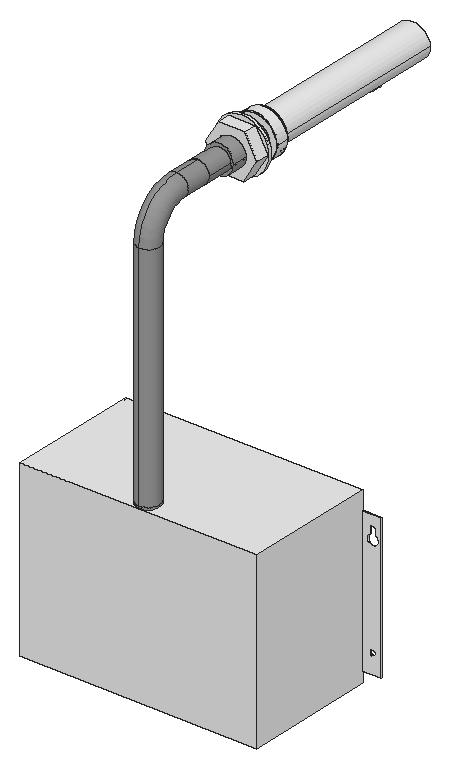
Revit family "DAN DRYER TAPS Airtap wall-mounted hand dryer touch-less 372", category Electrical Fixtures, host Wall, Revit 2018
Family settings
  Host = Wall
  Maintain Annotation Orientation = No
  Round Connector Dimension = Use Diameter
  Part Type = Normal
  OmniClass Number = 23.80.00.00
  OmniClass Title = Electric Power and Lighting
  Always vertical = Yes
  Cut with Voids When Loaded = No
  Shared = No
  Room Calculation Point = No
Parameters (values of type "AirTap Wall-mounted 372")
  Wall_thickness [instance] = 15 mm
  URL = "https://www.dandryer.com/en-us/products/dan-dryer-taps/372-airtap-wall-mounted-hand-dryer--touch-less"
  Satin stainless steel = DD_Satin Stainless Steel
  Red ring = DD_Red highlight
  Offset washer/nut [instance] = if(Wall_thickness < 10 mm, 10 mm, if(Wall_thickness > 30 mm, 30 mm, Wall_thickness))  # 15 mm
  Model = "DAN DRYER AIRTAP WALL-MOUNTED HAND DRYER TOUCH-LESS 372"
  Manufacturer = "https://www.dandryer.com/"
  Height_outlet [instance] = 1150 mm
  Engine_top [instance] = Height_outlet - 300 mm  # 850 mm
  Black = DD_Black
  Airpipe = DD_White plastic
Reference planes
  plane 1: y = 0
  plane 2 "Center (Left/Right)": x = 125
  plane 3 "Back": y = 7.5
Forms (mm)
  Sweep 1, solid, material "DD_White plastic" <- "Airpipe"
    path origin (125, 0, 0) x (0, 1, 0) y (0, 0, 1)
      loop
        line (-141.641, 852.344) -> (-141.641, 1110)
        arc (-141.641, 1110) -> (-129.926, 1138.284) -> (-101.641, 1150) r 40
        line (-101.641, 1150) -> (-72.5, 1150)
    profile origin (125, -141.641, 981.172) x (0, -1, 0) y (1, 0, 0)
      loop
        circle (0, 0) r 12.5
Lines and regions (mm)
  model lines, style "InvisibleLines"
    curve 1: line (125, 7.5, 0) -> (165, 7.5, 0)
Text (mm)
  text "Placement side" at (-1867.185, 1116.779, 0), in view "Ref. Level"
  text "Placement side" at (0, 1270.507, 3001.832), in view "Left"
  text "Placement side" at (0, 530.812, 2999.686), in view "Right"
Dimensions and locks
  locked: plane 3 "Back" to host wall
  "Wall_thickness": host wall to host wall
  "Engine_top": nested 1 to level
  radius of Sweep 1 sketch curve = 40 mm
  aligned and locked: plane 1 to host wall
  aligned and locked: plane 2 "Center (Left/Right)" to nested 1
  aligned and locked: nested 1 to host wall
  aligned and locked: nested 2 to plane 2 "Center (Left/Right)"
  aligned and locked: nested 1 to Sweep 1 sketch curve
  aligned and locked: nested 2 to Sweep 1 sketch curve  (x2)
  aligned and locked: Sweep 1 sketch curve to nested 1
Automatic sketch dimensions
  Sweep 1 sketch curve to plane 2 "Center (Left/Right)" = 0 mm
  Sweep 1 sketch curve to profile plane = 0 mm
  curve 1 to level = 0 mm
  curve 1 to plane 2 "Center (Left/Right)" = 0 mm
  plane 2 "Center (Left/Right)" to curve 1 = 40 mm
  radius of Sweep 1 sketch curve = 12.5 mm
Nested families
  nested 1: "Enginebox" at (125, -7.5, 763.5) x (1, 0, 0) z (0, -1, 0), type "Enginebox"
  nested 2: "Airflow" at (125, 7.5, 1150) x (-1, 0, 0) z (0, 1, 0), Offset <- "Offset washer/nut", built-in parameter 1001360 <- "Height_outlet", type "Airflow"
    with Offset 15 mm
Connectors
  electrical at (229, -7.5, 779)
    settings: on nested 1, index 1, voltage 230 V, apparent load 0 VA, apparent load phase1 1000 VA, apparent load phase2 0 VA, apparent load phase3 0 VA, power factor 1, load classification "Other", number of poles 1, system type 31, power factor state 1, is connector primary yes, connector utility no, sub classification motor no, connector description ""
  electrical at (244, -17.5, 657)
    settings: on nested 1, index 2, voltage 230 V, apparent load 0 VA, apparent load phase1 1000 VA, apparent load phase2 0 VA, apparent load phase3 0 VA, power factor 1, load classification "Other", number of poles 1, system type 31, power factor state 1, is connector primary no, connector utility no, sub classification motor no, connector description ""
Definition of nested family "Enginebox"
  Parameters (values of type "Enginebox")
    Intake = none
    Engine_Shield = none
    Default Elevation = 1219.2 mm
    Airpipe = none
  Reference planes
    plane 1 "Center (Front/Back)": y = 0
    plane 2: z = 0
    plane 3 "Center (Left/Right)": x = 0
    plane 4: y = 52.5
    plane 5: y = -71.5
    plane 6: x = -144.5
    plane 7: x = 144.5
    plane 8: x = 104
    plane 9: y = 15.5
    plane 10: x = 104
    plane 11: y = 15.5
    plane 12: z = 10
    plane 13: x = 119
  Forms (mm)
    Extrusion 1, solid
      sketch origin (0, 0, 0) x (1, 0, 0) y (0, 1, 0)
        loop
          line (-1219.2, 1219.2) -> (-1219.2, -1219.2) -> (1219.2, -1219.2) -> (1219.2, 1219.2) -> (-1219.2, 1219.2)
      from 0 to -304.8
    Extrusion 2, solid, material <- "Engine_Shield"
      sketch origin (0, 0, 0) x (1, 0, 0) y (0, 1, 0)
        loop
          line (-132, 86.5) -> (-132, -106.5) -> (132, -106.5) -> (132, 86.5) -> (-132, 86.5)
      from 0 to 148
    Extrusion 3, solid, material <- "Engine_Shield"
      sketch origin (0, 0, 0) x (1, 0, 0) y (0, 1, 0)
        loop
          line (-153, 66.437) -> (-153, -93.563) -> (153, -93.563) -> (153, 66.437) -> (-153, 66.437)
        loop
          circle (-144.5, -71.5) r 3
        loop
          arc (-141.502, 52.605) -> (-144.552, 55.5) -> (-147.5, 52.5) r 3
          line (-147.5, 52.5) -> (-147.5, 46.639)
          arc (-147.5, 46.639) -> (-144.499, 35.443) -> (-141.502, 46.64) r 6
          line (-141.502, 46.64) -> (-141.502, 52.605)
        loop
          arc (147.5, 52.5) -> (144.5, 55.5) -> (141.5, 52.5) r 3
          line (141.5, 52.5) -> (141.5, 46.639)
          arc (141.5, 46.639) -> (144.5, 35.443) -> (147.5, 46.639) r 6
          line (147.5, 46.639) -> (147.5, 52.5)
        loop
          circle (144.5, -71.5) r 3
        loop
          circle (104, 15.5) r 8
      from 0 to 1
    Extrusion 4, void
      sketch origin (0, 0, 0) x (1, 0, 0) y (0, 1, 0)
        loop
          line (-131, 85.5) -> (-131, -105.5) -> (131, -105.5) -> (131, 85.5) -> (-131, 85.5)
      from 0 to 147
    Extrusion 5, void
      sketch origin (0, 0, 0) x (1, 0, 0) y (0, 0, 1)
        loop
          circle (54.286, 66.526) r 60
      from 0 to 500
    Extrusion 6, solid, material <- "Intake"
      sketch origin (0, 0, 0) x (1, 0, 0) y (0, 0, 1)
        loop
          circle (54.286, 66.526) r 60
        loop
          circle (54.286, 66.526) r 59
      from 106.5 to 115.57
    Extrusion 7, void
      sketch origin (0, 0, 0) x (1, 0, 0) y (0, 0, 1)
        loop
          arc (127, 10) -> (119, 18) -> (111, 10) r 8
          line (111, 10) -> (111, 0) -> (127, 0) -> (127, 10)
      from 105.5 to 106.5
    Extrusion 8, solid
      sketch origin (0, 0, 0) x (1, 0, 0) y (0, 0, 1)
        loop
          circle (119, 10) r 8
      from 105.5 to 106.5
    Extrusion 9, solid
      sketch origin (0, 0, 0) x (1, 0, 0) y (0, 1, 0)
        loop
          circle (104, 15.5) r 8
      from 0 to 1
    Extrusion 10, solid, material <- "Airpipe"
      sketch origin (0, 0, 0) x (1, 0, 0) y (0, 0, 1)
        loop
          circle (0, 134.141) r 12.5
      from -88.844 to -86.5
  Cuts and joins
    Extrusion 4, Extrusion 5, Extrusion 7 cuts Extrusion 2
    Extrusion 7 cuts Extrusion 3
    joined: Extrusion 2, Extrusion 3
  Dimensions and locks
    aligned and locked: plane 2 to Extrusion 1
    aligned and locked: level to Extrusion 1
Definition of nested family "Airflow"
  Parameters (values of type "Airflow")
    Satin Stainless Steel = none
    Red Ring = none
    Offset [instance] = 30 mm
    Default Elevation = 1219.2 mm
    Black Rubber = none
    Black = none
    Airpipe = none
  Reference planes
    plane 1 "Center (Front/Back)": y = 0
    plane 2: z = 0
    plane 3 "Center (Left/Right)": x = 0
    plane 4: z = 120
    plane 5: z = 200
    plane 6: z = 160
    plane 7: z = 195
    plane 8: z = 125
    plane 9: x = 5
    plane 10: x = -5
    plane 11 "Start washer/nut": z = -30
  Forms (mm)
    Extrusion 1, solid
      sketch origin (0, 0, 0) x (1, 0, 0) y (0, 1, 0)
        loop
          line (-1219.2, 1219.2) -> (-1219.2, -1219.2) -> (1219.2, -1219.2) -> (1219.2, 1219.2) -> (-1219.2, 1219.2)
      from 0 to -304.8
    Extrusion 2, solid, material <- "Satin Stainless Steel"
      sketch origin (0, 0, 0) x (1, 0, 0) y (0, 1, 0)
        loop
          circle (0, 0) r 19
      from 0 to 220
    Extrusion 3, void
      sketch origin (0, 0, 0) x (1, 0, 0) y (0, 1, 0)
        loop
          circle (0, 0) r 17.5
        loop
          circle (0, 0) r 16
      from 218 to 220
    Extrusion 4, solid, material <- "Red Ring"
      sketch origin (0, 0, 0) x (1, 0, 0) y (0, 1, 0)
        loop
          circle (0, 0) r 17.5
        loop
          circle (0, 0) r 16
      from 218 to 219.5
    Extrusion 5, solid, material <- "Satin Stainless Steel"
      sketch origin (0, 0, 0) x (1, 0, 0) y (0, 1, 0)
        loop
          circle (0, 0) r 24.4
      from 0 to 15
    Extrusion 6, solid, material <- "Satin Stainless Steel"
      sketch origin (0, 0, 0) x (1, 0, 0) y (0, 1, 0)
        loop
          circle (0, 0) r 25
        loop
          circle (0, 0) r 24.5
      from 0 to 13
    Extrusion 7, void
      sketch origin (0, 0, 0) x (1, 0, 0) y (0, 0, 1)
        loop
          arc (5, 195) -> (0, 200) -> (-5, 195) r 5
          line (-5, 195) -> (-5, 167) -> (-5.983, 167)
          arc (-5.983, 167) -> (-8.116, 166.116) -> (-9, 163.983) r 3.017
          line (-9, 163.983) -> (-9, 156)
          arc (-9, 156) -> (-8.121, 153.879) -> (-6, 153) r 3
          line (-6, 153) -> (-5, 153) -> (-5, 125)
          arc (-5, 125) -> (0, 120) -> (5, 125) r 5
          line (5, 125) -> (5, 153) -> (6, 153)
          arc (6, 153) -> (8.121, 153.879) -> (9, 156) r 3
          line (9, 156) -> (9, 164.025)
          arc (9, 164.025) -> (8.129, 166.129) -> (6.025, 167) r 2.975
          line (6.025, 167) -> (5, 167) -> (5, 195)
      from 0 to 500
    Extrusion 8, solid, material <- "Black Rubber"
      sketch origin (0, 0, 0) x (1, 0, 0) y (0, 0, 1)
        loop
          line (-3.2, 165.2) -> (-5.983, 165.2)
          arc (-5.983, 165.2) -> (-6.844, 164.844) -> (-7.2, 163.983) r 1.217
          line (-7.2, 163.983) -> (-7.2, 156)
          arc (-7.2, 156) -> (-6.849, 155.151) -> (-6, 154.8) r 1.2
          line (-6, 154.8) -> (-3.2, 154.8) -> (-3.2, 125)
          arc (-3.2, 125) -> (0, 121.8) -> (3.2, 125) r 3.2
          line (3.2, 125) -> (3.2, 154.8) -> (6, 154.8)
          arc (6, 154.8) -> (6.849, 155.151) -> (7.2, 156) r 1.2
          line (7.2, 156) -> (7.2, 164.025)
          arc (7.2, 164.025) -> (6.856, 164.856) -> (6.025, 165.2) r 1.175
          line (6.025, 165.2) -> (3.2, 165.2) -> (3.2, 195)
          arc (3.2, 195) -> (0, 198.2) -> (-3.2, 195) r 3.2
          line (-3.2, 195) -> (-3.2, 165.2)
        loop
          arc (-5.983, 166.5) -> (-7.763, 165.763) -> (-8.5, 163.983) r 2.517
          line (-8.5, 163.983) -> (-8.5, 156)
          arc (-8.5, 156) -> (-7.768, 154.232) -> (-6, 153.5) r 2.5
          line (-6, 153.5) -> (-4.5, 153.5) -> (-4.5, 125)
          arc (-4.5, 125) -> (0, 120.5) -> (4.5, 125) r 4.5
          line (4.5, 125) -> (4.5, 153.5) -> (6, 153.5)
          arc (6, 153.5) -> (7.768, 154.232) -> (8.5, 156) r 2.5
          line (8.5, 156) -> (8.5, 164.025)
          arc (8.5, 164.025) -> (7.775, 165.775) -> (6.025, 166.5) r 2.475
          line (6.025, 166.5) -> (4.5, 166.5) -> (4.5, 195)
          arc (4.5, 195) -> (0, 199.5) -> (-4.5, 195) r 4.5
          line (-4.5, 195) -> (-4.5, 166.5) -> (-5.983, 166.5)
      from 0 to 50
    Extrusion 9, void
      sketch origin (0, 0, 0) x (1, 0, 0) y (0, 1, 0)
        loop
          arc (15.931, -12.901) -> (1.37, -20.454) -> (-14.069, -14.911) r 20.5
          line (-14.069, -14.911) -> (-14.069, -52.901) -> (15.931, -52.901) -> (15.931, -12.901)
      from 115.834 to 207.567
    Extrusion 10, solid, material <- "Black"
      sketch origin (0, 0, 0) x (1, 0, 0) y (0, 1, 0)
        loop
          circle (0, 0) r 16
      from 0 to -50
    Extrusion 11, solid, material <- "Satin Stainless Steel"
      sketch origin (0, 0, -30) x (0, 1, 0) y (-1, 0, 0)
        loop
          circle (0, 0) r 30
        loop
          circle (0, 0) r 16
      from 0 to -3
    Extrusion 12, solid, material <- "Satin Stainless Steel"
      sketch origin (0, 0, -30) x (0, 1, 0) y (-1, 0, 0)
        loop
          line (25.071, -13.897) -> (24.571, 14.764) -> (-0.5, 28.661) -> (-25.071, 13.897) -> (-24.571, -14.764) -> (0.5, -28.661) -> (25.071, -13.897)
        loop
          circle (0, 0) r 16
      from 0 to -18
    Extrusion 13, solid, material <- "Airpipe"
      sketch origin (0, 0, 0) x (1, 0, 0) y (0, 1, 0)
        loop
          circle (0, 0) r 12.5
      from 0 to -80
  Cuts and joins
    Extrusion 3, Extrusion 7, Extrusion 9 cuts Extrusion 2
    Extrusion 9 cuts Extrusion 5
    joined: Extrusion 2, Extrusion 5
    Extrusion 9 cuts Extrusion 6
    Extrusion 9 cuts Extrusion 8
    joined: Extrusion 11, Extrusion 12
  Dimensions and locks
    cut or joined group of Extrusion 2, Extrusion 3, Extrusion 5, Extrusion 7, Extrusion 9 to plane 5 = 20 mm
    plane 5 to plane 7 = 5 mm
    plane 8 to plane 4 = 5 mm
    plane 9 to plane 3 "Center (Left/Right)" = 5 mm
    plane 3 "Center (Left/Right)" to plane 10 = 5 mm
    locked: plane 5 to plane 4 at 80
    "Offset": level to plane 11 "Start washer/nut"
    aligned and locked: plane 2 to Extrusion 1
    aligned and locked: level to Extrusion 1
    aligned and locked: Extrusion 7 sketch curve to plane 9
    aligned and locked: plane 10 to Extrusion 7 sketch curve
  Automatic sketch dimensions
    Extrusion 1 sketch curve to Extrusion 1 sketch curve = 2438.4 mm  (x2)
    plane 1 "Center (Front/Back)" to Extrusion 2 sketch curve = 0 mm
    Extrusion 2 sketch curve to plane 3 "Center (Left/Right)" = 0 mm
    Extrusion 3 sketch curve to Extrusion 3 sketch curve = 0 mm  (x2)
    plane 1 "Center (Front/Back)" to Extrusion 3 sketch curve = 0 mm
    Extrusion 3 sketch curve to plane 3 "Center (Left/Right)" = 0 mm
    Extrusion 4 sketch curve to Extrusion 4 sketch curve = 0 mm  (x2)
    plane 1 "Center (Front/Back)" to Extrusion 4 sketch curve = 0 mm
    Extrusion 4 sketch curve to plane 3 "Center (Left/Right)" = 0 mm
    plane 1 "Center (Front/Back)" to Extrusion 5 sketch curve = 0 mm
    Extrusion 5 sketch curve to plane 3 "Center (Left/Right)" = 0 mm
    Extrusion 6 sketch curve to Extrusion 6 sketch curve = 0 mm  (x2)
    plane 1 "Center (Front/Back)" to Extrusion 6 sketch curve = 0 mm
    Extrusion 6 sketch curve to plane 3 "Center (Left/Right)" = 0 mm
    Extrusion 7 sketch curve to plane 10 = 0 mm
    Extrusion 7 sketch curve to plane 3 "Center (Left/Right)" = 0 mm
    Extrusion 7 sketch curve to plane 8 = 0 mm
    Extrusion 7 sketch curve to plane 7 = 0 mm
    Extrusion 7 sketch curve to plane 10 = 1 mm
    Extrusion 7 sketch curve to plane 10 = 0.983 mm
    Extrusion 7 sketch curve to Extrusion 7 sketch curve = 3 mm
    plane 9 to Extrusion 7 sketch curve = 1 mm
    plane 9 to Extrusion 7 sketch curve = 1.025 mm
    Extrusion 7 sketch curve to Extrusion 7 sketch curve = 2.975 mm
    Extrusion 7 sketch curve to plane 6 = 7 mm  (x2)
    plane 6 to Extrusion 7 sketch curve = 3.983 mm
    plane 6 to Extrusion 7 sketch curve = 4.025 mm
    Extrusion 8 sketch curve to Extrusion 8 sketch curve = 0 mm  (x12)
    Extrusion 8 sketch curve to plane 7 = 0 mm
    Extrusion 8 sketch curve to plane 8 = 0 mm
    Extrusion 8 sketch curve to plane 3 "Center (Left/Right)" = 0 mm  (x2)
    Extrusion 8 sketch curve to plane 9 = 0.5 mm  (x2)
    Extrusion 8 sketch curve to plane 10 = 0.983 mm
    Extrusion 8 sketch curve to plane 10 = 1 mm
    Extrusion 8 sketch curve to Extrusion 8 sketch curve = 1.2 mm  (x2)
    plane 10 to Extrusion 8 sketch curve = 1.8 mm
    Extrusion 8 sketch curve to Extrusion 8 sketch curve = 1.3 mm  (x3)
    plane 9 to Extrusion 8 sketch curve = 1 mm
    plane 9 to Extrusion 8 sketch curve = 1.025 mm
    Extrusion 8 sketch curve to plane 6 = 6.5 mm  (x2)
    plane 6 to Extrusion 8 sketch curve = 3.983 mm
    plane 6 to Extrusion 8 sketch curve = 4.025 mm
    plane 1 "Center (Front/Back)" to Extrusion 9 sketch curve = 0 mm
    Extrusion 9 sketch curve to plane 3 "Center (Left/Right)" = 0 mm
    plane 9 to Extrusion 9 sketch curve = 10.931 mm
    plane 1 "Center (Front/Back)" to Extrusion 9 sketch curve = 12.901 mm
    Extrusion 9 sketch curve to Extrusion 9 sketch curve = 40 mm
    Extrusion 9 sketch curve to plane 10 = 9.069 mm
    plane 1 "Center (Front/Back)" to Extrusion 10 sketch curve = 0 mm
    Extrusion 10 sketch curve to plane 3 "Center (Left/Right)" = 0 mm
    plane 1 "Center (Front/Back)" to Extrusion 12 sketch curve = 0 mm
    Extrusion 12 sketch curve to plane 3 "Center (Left/Right)" = 0 mm
    plane 1 "Center (Front/Back)" to Extrusion 12 sketch curve = 0.5 mm
    plane 9 to Extrusion 12 sketch curve = 9.764 mm
    plane 1 "Center (Front/Back)" to Extrusion 12 sketch curve = 24.571 mm
    Extrusion 12 sketch curve to plane 10 = 8.897 mm
    plane 1 "Center (Front/Back)" to Extrusion 12 sketch curve = 25.071 mm
    Extrusion 12 sketch curve to plane 1 "Center (Front/Back)" = 0.5 mm
    Extrusion 12 sketch curve to plane 10 = 9.764 mm
    Extrusion 12 sketch curve to plane 1 "Center (Front/Back)" = 24.571 mm
    plane 9 to Extrusion 12 sketch curve = 8.897 mm
    Extrusion 12 sketch curve to plane 1 "Center (Front/Back)" = 25.071 mm
    plane 9 to Extrusion 12 sketch curve = 23.661 mm
    Extrusion 12 sketch curve to plane 10 = 23.661 mm
    Extrusion 11 sketch curve to Extrusion 11 sketch curve = 0 mm  (x2)
    plane 1 "Center (Front/Back)" to Extrusion 11 sketch curve = 0 mm
    Extrusion 11 sketch curve to plane 3 "Center (Left/Right)" = 0 mm
    plane 1 "Center (Front/Back)" to Extrusion 13 sketch curve = 0 mm
    Extrusion 13 sketch curve to plane 3 "Center (Left/Right)" = 0 mm
    radius of Extrusion 2 sketch curve = 19 mm
    radius of Extrusion 3 sketch curve = 17.5 mm
    radius of Extrusion 3 sketch curve = 16 mm
    radius of Extrusion 4 sketch curve = 17.5 mm
    radius of Extrusion 4 sketch curve = 16 mm
    radius of Extrusion 5 sketch curve = 24.4 mm
    radius of Extrusion 6 sketch curve = 25 mm
    radius of Extrusion 6 sketch curve = 24.5 mm
    radius of Extrusion 10 sketch curve = 16 mm
    radius of Extrusion 12 sketch curve = 16 mm
    radius of Extrusion 11 sketch curve = 30 mm
    radius of Extrusion 11 sketch curve = 16 mm
    radius of Extrusion 13 sketch curve = 12.5 mm
